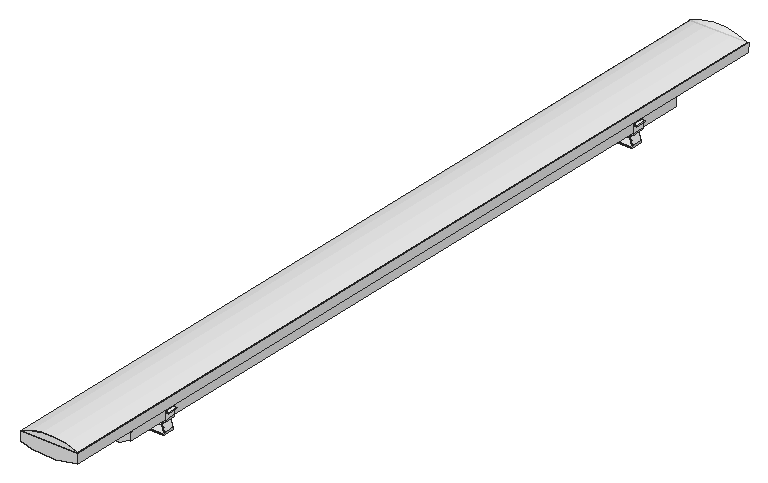
Revit family "Lighting-Industrial-GEWISS-SMART[3]PLUS-HLO-WATERTIGHT-LED-EMERGENCY_TRANSPARENT_1600mm", category Apparecchi per illuminazione, host Superficie, Revit 2019
Family settings
  Host = Superficie
  Quota connettore circolare = Usa diametro
  Tipo di parte = Normale
  Taglio con vuoti quando caricato = No
  Sorgente d'illuminazione = No
  Condiviso = No
  Punto di calcolo locali = No
Parameters (values of type "GWS3325BT957 - SMART3 PLUS 1600 EMERG DT1+DT6 HO TRASP 9 57")
  Working temperature = "ND"
  Weight (kg): = ""
  Warranty = "ND"
  Voltage = "220-240 V "
  Visibilità simbolo [instance] = yes
  Visibilità pianta [instance] = not(Visibilità simbolo)  # no
  Visibilità etichetta [instance] = yes
  Version file RFA = "20.0"
  URL = "https://www.gewiss.com/ww/en"
  Typology = ""
  Type of light source = "LED - Not replaceable"
  Technical sheet = "https://www.gewiss.com/ww/en/search?q=GWS3325BT957"
  System power = "50 W"
  Shock resistance = "IK08"
  Shield type = "Transparent"
  SEO = "Ceiling"
  Realized by GEWISS S.p.A. = ""
  Operating temperature: = "ND"
  Numero poli = 2
  Struttura = GRIGIO
  Stampa 1_200 = no
  Stampa 1_100 = not(Stampa 1_200)  # yes
  Spostamento_Y_etichetta [instance] = 0 mm
  Spostamento_Y_effettivo_etichetta [instance] = 1500 mm - Spostamento_Y_etichetta  # 1500 mm
  Spostamento_X_etichetta [instance] = 0 mm
  Spostamento_X_effettivo_etichetta [instance] = 1500 mm - Spostamento_X_etichetta  # 1500 mm
  Schermo. = Led Acceso
  Default Elevation = 1219.2 mm
  Produttore = "GEWISS S.p.A."
  Nominal flux (lm) = ""
  No. LED (#) = ""
  Modello = "GWS3325BT957"
  Lunghezza Lampada = 1600 mm  # constant formula
  Lumen output (lm) = "7400"
  Length = "1600 mm"
  Lampada = "LED"
  Lamp = "LED"
  LED LifeTime (L80B20) = ""
  LED Life time (L80B50) = ""
  LED Life time (L70) = ""
  LED Life Time (L90B50) = ""
  Insulation class = "II"
  Immagine tipo = GWS3158TL.jpg
  IP degree = "IP66/IP69"
  IFC.TypeObject = ""
  IFC.ExportType = ""
  IFC.ExportAs = ""
  IDT = "0d0c36dd-7d20-424d-bc0a-e9538265b617"
  IDF = "d46191a8-45a4-4aa7-8cad-d7a8957d08f7"
  Glow Wire Test = "850°C"
  Ganci = Alluminio
  Failure rate apparecchio (50.000h, Tq=25Â° C) = ""
  Failure rate apparecchio (35.000h, Tq=35Â° C) = ""
  Electrocod = "2434"
  Efficiency class of integrated LEDs = "A ÷ A++"
  EAN code = ""
  Driver type = ""
  Device with reduced surface temperature = ""
  Descrizione = "SMART3 PLUS 1600 EMERG DT1+DT6 HO TRASP 9 57"
  Commenti sul wattaggio = "26W"
  Colour temperature: = "5700 K (CRI > 90)"
  Colour temperature = "5700 K (CRI > 90)"
  Catalogue Range = "SMART[3] PLUS HLO"
  Catalogue = "LIGHTING"
  Carico apparente = 26 VA
  COBie.Tagnumber = ""
  COBie.CreatedOn = ""
  COBie.CreatebBy = ""
  COBie.ComponentRegisterItemID = ""
  COBie.Component.TagNumber = ""
  COBie.Component.Space = ""
  COBie.Component.SerialNumber = ""
  COBie.Component.InstallationDate = ""
  COBie.Component.Description = ""
  COBie.Component.BarCode = ""
  Application = "Indoor"
Types (6, lengths in mm): name | Technical sheet | Modello | Lumen output (lm) | Immagine tipo | IDT | Descrizione | Commenti sul wattaggio | Colour temperature: | Colour temperature | Carico apparente
  GWS3325BT840 - SMART3 PLUS 1600 EMERG DT1+DT6 HO TRASP 8 40 | "https://www.gewiss.com/ww/en/search?q=GWS3325BT840" | "GWS3325BT840" | "9400" | GWS3158T.jpg | "5efdf367-262e-4b37-a7ee-97abab928725" | "SMART3 PLUS 1600 EMERG DT1+DT6 HO TRASP 8 40" | "26W" | "4000 K (CRI > 80)" | "4000 K (CRI > 80)" | 26 VA
  GWS3325BT857 - SMART3 PLUS 1600 EMERG DT1+DT6 HO TRASP 8 57 | "https://www.gewiss.com/ww/en/search?q=GWS3325BT857" | "GWS3325BT857" | "9400" | GWS3158T30K.jpg | "3f0ca7bd-6e26-4961-bf24-f6e595b37682" | "SMART3 PLUS 1600 EMERG DT1+DT6 HO TRASP 8 57" | "26W" | "5700 K (CRI > 80)" | "5700 K (CRI > 80)" | 26 VA
  GWS3325BT930 - SMART3 PLUS 1600 EMERG DT1+DT6 HO TRASP 9 30 | "https://www.gewiss.com/ww/en/search?q=GWS3325BT930" | "GWS3325BT930" | "6900" | GWS3158T57K.jpg | "4814560a-ea28-4262-bd38-56ad4326c2bf" | "SMART3 PLUS 1600 EMERG DT1+DT6 HO TRASP 9 30" | "26W" | "3000 K (CRI > 90)" | "3000 K (CRI > 90)" | 26 VA
  GWS3325BT830 - SMART3 PLUS 1600 EMERG DT1+DT6 HO TRASP 8 30 | "https://www.gewiss.com/ww/en/search?q=GWS3325BT830" | "GWS3325BT830" | "8900" | GWS3158TD30K.jpg | "0effa6a7-1013-4012-9a4c-e161cacb130e" | "SMART3 PLUS 1600 EMERG DT1+DT6 HO TRASP 8 30" | "27W" | "3000 K (CRI > 80)" | "3000 K (CRI > 80)" | 27 VA
  GWS3325BT940 - SMART3 PLUS 1600 EMERG DT1+DT6 HO TRASP 9 40 | "https://www.gewiss.com/ww/en/search?q=GWS3325BT940" | "GWS3325BT940" | "7400" | GWS3158TD57K.jpg | "b69984a9-f126-4955-95ec-100c0a2e5617" | "SMART3 PLUS 1600 EMERG DT1+DT6 HO TRASP 9 40" | "27W" | "4000 K (CRI > 90)" | "4000 K (CRI > 90)" | 27 VA
  GWS3325BT957 - SMART3 PLUS 1600 EMERG DT1+DT6 HO TRASP 9 57 | "https://www.gewiss.com/ww/en/search?q=GWS3325BT957" | "GWS3325BT957" | "7400" | GWS3158TL.jpg | "0d0c36dd-7d20-424d-bc0a-e9538265b617" | "SMART3 PLUS 1600 EMERG DT1+DT6 HO TRASP 9 57" | "26W" | "5700 K (CRI > 90)" | "5700 K (CRI > 90)" | 26 VA
Reference planes
  plane 1 "Centro (Fronte/Retro)": y = 0
  plane 2: z = 0
  plane 3 "Centro (Sinistra/Destra)": x = 0
  plane 4: x = -1500
  plane 5: y = -1500
  plane 6: x = 0
  plane 7: y = 0
Forms (mm)
  Extrusion 1, solid, material "Alluminio" <- "Ganci", detail levels medium+fine
    sketch origin (0, 0, 0) x (1, 0, 0) y (0, 0, 1)
      loop
        arc (31.431, -0.002) -> (34.576, 1.589) -> (35.156, 5.066) r 3.903
        line (35.156, 5.066) -> (29.612, 23.211)
        arc (29.612, 23.211) -> (29.883, 24.381) -> (31.032, 24.73) r 1.2
        line (31.032, 24.73) -> (34.307, 23.974)
        arc (34.307, 23.974) -> (36.765, 24.53) -> (37.859, 26.8) r 2.9
        line (37.859, 26.8) -> (37.859, 38.8)
        arc (37.859, 38.8) -> (37.648, 39.694) -> (37.059, 40.4) r 2
        line (37.059, 40.4) -> (37.059, 42.71) -> (42.861, 40.598) -> (43.203, 41.538) -> (37.53, 43.603)
        arc (37.53, 43.603) -> (37.019, 43.613) -> (36.605, 43.311) r 0.8
        line (36.605, 43.311) -> (36.306, 26.139)
        arc (36.306, 26.139) -> (35.6, 25.444) -> (34.616, 25.34) r 1.5
        line (34.616, 25.34) -> (31.344, 26.095)
        arc (31.344, 26.095) -> (28.858, 25.335) -> (28.273, 22.802) r 2.6
        line (28.273, 22.802) -> (33.827, 4.636)
        arc (33.827, 4.636) -> (33.449, 2.415) -> (31.438, 1.4) r 2.5
        line (31.438, 1.4) -> (-31.437, 1.4)
        arc (-31.437, 1.4) -> (-33.449, 2.415) -> (-33.827, 4.636) r 2.5
        line (-33.827, 4.636) -> (-28.273, 22.802)
        arc (-28.273, 22.802) -> (-28.858, 25.335) -> (-31.344, 26.095) r 2.6
        line (-31.344, 26.095) -> (-34.616, 25.34)
        arc (-34.616, 25.34) -> (-35.6, 25.444) -> (-36.306, 26.139) r 1.5
        line (-36.306, 26.139) -> (-36.605, 43.311)
        arc (-36.605, 43.311) -> (-37.019, 43.613) -> (-37.53, 43.603) r 0.8
        line (-37.53, 43.603) -> (-43.203, 41.538) -> (-42.861, 40.598) -> (-37.059, 42.71) -> (-37.059, 40.4)
        arc (-37.059, 40.4) -> (-37.648, 39.694) -> (-37.859, 38.8) r 2
        line (-37.859, 38.8) -> (-37.859, 26.8)
        arc (-37.859, 26.8) -> (-36.765, 24.53) -> (-34.307, 23.974) r 2.9
        line (-34.307, 23.974) -> (-31.032, 24.73)
        arc (-31.032, 24.73) -> (-29.883, 24.381) -> (-29.612, 23.211) r 1.2
        line (-29.612, 23.211) -> (-35.156, 5.066)
        arc (-35.156, 5.066) -> (-34.576, 1.589) -> (-31.431, -0.002) r 3.903
        line (-31.431, -0.002) -> (31.431, -0.002)
    from 548.766 to 568.766
  Extrusion 2, solid, material "Alluminio" <- "Ganci", detail levels medium+fine
    sketch origin (0, 0, 0) x (1, 0, 0) y (0, 0, -1)
      loop
        line (31.431, 0.002) -> (-31.431, 0.002)
        arc (-31.431, 0.002) -> (-34.576, -1.589) -> (-35.156, -5.066) r 3.903
        line (-35.156, -5.066) -> (-29.612, -23.211)
        arc (-29.612, -23.211) -> (-29.883, -24.381) -> (-31.032, -24.73) r 1.2
        line (-31.032, -24.73) -> (-34.307, -23.974)
        arc (-34.307, -23.974) -> (-36.765, -24.53) -> (-37.859, -26.8) r 2.9
        line (-37.859, -26.8) -> (-37.859, -38.8)
        arc (-37.859, -38.8) -> (-37.648, -39.694) -> (-37.059, -40.4) r 2
        line (-37.059, -40.4) -> (-37.059, -42.71) -> (-42.861, -40.598) -> (-43.203, -41.538) -> (-37.53, -43.603)
        arc (-37.53, -43.603) -> (-37.019, -43.613) -> (-36.605, -43.311) r 0.8
        line (-36.605, -43.311) -> (-36.306, -26.139)
        arc (-36.306, -26.139) -> (-35.6, -25.444) -> (-34.616, -25.34) r 1.5
        line (-34.616, -25.34) -> (-31.344, -26.095)
        arc (-31.344, -26.095) -> (-28.858, -25.335) -> (-28.273, -22.802) r 2.6
        line (-28.273, -22.802) -> (-33.827, -4.636)
        arc (-33.827, -4.636) -> (-33.449, -2.415) -> (-31.437, -1.4) r 2.5
        line (-31.437, -1.4) -> (31.438, -1.4)
        arc (31.438, -1.4) -> (33.449, -2.415) -> (33.827, -4.636) r 2.5
        line (33.827, -4.636) -> (28.273, -22.802)
        arc (28.273, -22.802) -> (28.858, -25.335) -> (31.344, -26.095) r 2.6
        line (31.344, -26.095) -> (34.616, -25.34)
        arc (34.616, -25.34) -> (35.6, -25.444) -> (36.306, -26.139) r 1.5
        line (36.306, -26.139) -> (36.605, -43.311)
        arc (36.605, -43.311) -> (37.019, -43.613) -> (37.53, -43.603) r 0.8
        line (37.53, -43.603) -> (43.203, -41.538) -> (42.861, -40.598) -> (37.059, -42.71) -> (37.059, -40.4)
        arc (37.059, -40.4) -> (37.648, -39.694) -> (37.859, -38.8) r 2
        line (37.859, -38.8) -> (37.859, -26.8)
        arc (37.859, -26.8) -> (36.765, -24.53) -> (34.307, -23.974) r 2.9
        line (34.307, -23.974) -> (31.032, -24.73)
        arc (31.032, -24.73) -> (29.883, -24.381) -> (29.612, -23.211) r 1.2
        line (29.612, -23.211) -> (35.156, -5.066)
        arc (35.156, -5.066) -> (34.576, -1.589) -> (31.431, 0.002) r 3.903
    from 548.766 to 568.766
  Extrusion 3, solid, material "GRIGIO" <- "Struttura", detail levels medium+fine
    sketch origin (0, 0, 0) x (1, 0, 0) y (0, 0, 1)
      loop
        line (-36.331, 55.757) -> (-35.847, 28.018)
        arc (-35.847, 28.018) -> (-33.139, 27.27) -> (-30.416, 26.58) r 129.5
        arc (-30.416, 26.58) -> (-28.066, 25.76) -> (-25.915, 24.506) r 13
        arc (-25.915, 24.506) -> (-24.23, 23.324) -> (-22.521, 22.178) r 99.5
        arc (-22.521, 22.178) -> (-16.401, 19.063) -> (-9.748, 17.365) r 31.146
        line (-9.748, 17.365) -> (12.491, 17.365)
        arc (12.491, 17.365) -> (17.822, 19.098) -> (22.764, 21.745) r 31.646
        arc (22.764, 21.745) -> (24.509, 22.915) -> (26.228, 24.122) r 100
        arc (26.228, 24.122) -> (28.283, 25.313) -> (30.525, 26.095) r 12.5
        arc (30.525, 26.095) -> (33.437, 26.834) -> (36.332, 27.64) r 130
        line (36.332, 27.64) -> (36.824, 55.851)
        arc (36.824, 55.851) -> (24.914, 53.937) -> (12.909, 52.764) r 195.047
        line (12.909, 52.764) -> (-12.909, 52.764)
        arc (-12.909, 52.764) -> (-24.665, 53.905) -> (-36.331, 55.757) r 195.047
    from -650 to 650
  Extrusion 4, solid, material "GRIGIO" <- "Struttura", detail levels medium+fine
    sketch origin (0, 0, 0) x (1, 0, 0) y (0, 0, 1)
      loop
        line (54.725, 60.184) -> (55.177, 77.445) -> (-55.177, 77.445) -> (-54.725, 60.184)
        arc (-54.725, 60.184) -> (-34.019, 55.332) -> (-12.909, 52.764) r 195.047
        line (-12.909, 52.764) -> (12.909, 52.764)
        arc (12.909, 52.764) -> (34.019, 55.332) -> (54.725, 60.184) r 195.047
    from -800 to 800
  Extrusion 5, solid, material "Led Acceso" <- "Schermo.", detail levels medium+fine
    sketch origin (0, 0, 0) x (1, 0, 0) y (0, 0, 1)
      loop
        arc (54.697, 78.441) -> (-0.014, 90.457) -> (-54.723, 78.429) r 130.5
        arc (-54.723, 78.429) -> (-54.988, 77.838) -> (-54.5, 77.445) r 0.5
        line (-54.5, 77.445) -> (54.479, 77.445)
        arc (54.479, 77.445) -> (54.988, 77.855) -> (54.697, 78.441) r 0.522
    from -800 to 800
  Extrusion 6, solid, material "GRIGIO" <- "Struttura", detail levels coarse
    sketch origin (0, 0, 0) x (1, 0, 0) y (0, 0, 1)
      loop
        line (-54.5, 90.439) -> (-54.5, 0) -> (54.5, 0) -> (54.5, 90.439) -> (-54.5, 90.439)
    from -800 to 800
Lines and regions (mm)
  Masking region 1, visible <- "Visibilità pianta"
    outline origin (0, 0, 0) x (1, 0, 0) y (0, 1, 0)
      loop
        line (-55.177, 800) -> (-55.177, -800) -> (55.177, -800) -> (55.177, 800) -> (-55.177, 800)
  model lines, style "GEWISS - LIGHT 2D", not visible, detail levels medium+fine
    curve 1: arc (599.156, 237.359, 0) -> (604.568, 231.947, 0) -> (609.98, 237.359, 0) r 5.412
    curve 6: arc (581.804, 237.359, 0) -> (582.83, 230.601, 0) -> (585.816, 224.453, 0) r 22.764
    curve 7: arc (623.32, 224.453, 0) -> (626.306, 230.601, 0) -> (627.332, 237.359, 0) r 22.764
    curve 8: arc (609.98, -154.35, 0) -> (604.568, -148.937, 0) -> (599.156, -154.35, 0) r 5.412
    curve 14: arc (585.816, -141.444, 0) -> (582.83, -147.592, 0) -> (581.804, -154.35, 0) r 22.764
    curve 15: arc (627.332, -154.35, 0) -> (626.306, -147.592, 0) -> (623.32, -141.444, 0) r 22.764
    curve 22: line (581.804, 248.502, 0) -> (581.804, 237.359, 0)
    curve 23: line (581.804, 237.359, 0) -> (599.156, 237.359, 0)
    curve 24: line (599.156, 237.359, 0) -> (599.156, 248.502, 0)
    curve 25: line (599.156, 256.809, 0) -> (599.156, 262.193, 0)
    curve 26: line (609.98, 248.502, 0) -> (609.98, 237.359, 0)
    curve 27: line (609.98, 237.359, 0) -> (627.332, 237.359, 0)
    curve 28: line (627.332, 237.359, 0) -> (627.332, 248.502, 0)
    curve 39: line (581.804, -154.35, 0) -> (581.804, -165.498, 0)
    curve 40: line (581.804, -165.498, 0) -> (581.804, -154.35, 0)
    curve 41: line (581.804, -154.35, 0) -> (599.156, -154.35, 0)
    curve 42: line (599.156, -154.35, 0) -> (599.156, -165.498, 0)
    curve 43: line (609.98, -165.498, 0) -> (609.98, -154.35, 0)
    curve 44: line (609.98, -154.35, 0) -> (627.332, -154.35, 0)
    curve 45: line (627.332, -154.35, 0) -> (627.332, -165.498, 0)
    curve 46: line (627.332, -165.498, 0) -> (627.332, -154.35, 0)
    curve 47: line (609.98, -179.249, 0) -> (609.98, -173.749, 0)
    curve 50: line (599.156, -179.191, 0) -> (599.156, -173.807, 0)
    curve 94: circle (617.836, 259.501, 0) r 1.5 normal (0, 0, 1)
    curve 95: circle (591.836, 259.501, 0) r 1.5 normal (0, 0, 1)
    curve 96: arc (610.218, 256.751, 0) -> (612.968, 259.501, 0) -> (610.218, 262.251, 0) r 2.75
    curve 97: arc (599.718, 262.251, 0) -> (596.968, 259.501, 0) -> (599.718, 256.751, 0) r 2.75
    curve 102: circle (617.836, -176.499, 0) r 1.5 normal (0, 0, 1)
    curve 103: circle (591.836, -176.499, 0) r 1.5 normal (0, 0, 1)
    curve 104: arc (610.218, -179.249, 0) -> (612.968, -176.499, 0) -> (610.218, -173.749, 0) r 2.75
    curve 105: arc (599.718, -173.749, 0) -> (596.968, -176.499, 0) -> (599.718, -179.249, 0) r 2.75
    curve 184: line (599.718, 262.251, 0) -> (610.218, 262.251, 0)
    curve 185: line (599.718, 256.751, 0) -> (610.218, 256.751, 0)
    curve 194: line (599.718, -173.749, 0) -> (610.218, -173.749, 0)
    curve 195: line (599.718, -179.249, 0) -> (610.218, -179.249, 0)
    curve 214: line (604.568, 230.323, 0) -> (604.568, 244.394, 0)
    curve 215: line (611.603, 237.359, 0) -> (597.532, 237.359, 0)
    curve 216: line (604.568, -161.385, 0) -> (604.568, -147.314, 0)
    curve 217: line (611.603, -154.35, 0) -> (597.532, -154.35, 0)
    curve 223: line (617.836, 257.551, 0) -> (617.836, 261.451, 0)
    curve 224: line (619.786, 259.501, 0) -> (615.886, 259.501, 0)
    curve 225: line (591.836, 257.551, 0) -> (591.836, 261.451, 0)
    curve 226: line (593.786, 259.501, 0) -> (589.886, 259.501, 0)
    curve 227: line (603.293, 259.501, 0) -> (596.143, 259.501, 0)
    curve 228: line (610.218, 255.926, 0) -> (610.218, 263.076, 0)
    curve 229: line (613.793, 259.501, 0) -> (606.643, 259.501, 0)
    curve 230: line (617.836, -178.449, 0) -> (617.836, -174.549, 0)
    curve 231: line (619.786, -176.499, 0) -> (615.886, -176.499, 0)
    curve 232: line (591.836, -178.449, 0) -> (591.836, -174.549, 0)
    curve 233: line (593.786, -176.499, 0) -> (589.886, -176.499, 0)
    curve 234: line (599.718, -180.074, 0) -> (599.718, -172.924, 0)
    curve 235: line (603.293, -176.499, 0) -> (596.143, -176.499, 0)
    curve 236: line (610.218, -180.074, 0) -> (610.218, -172.924, 0)
    curve 237: line (613.793, -176.499, 0) -> (606.643, -176.499, 0)
    curve 238: arc (585.816, 224.453, 0) -> (604.568, 218.168, 0) -> (623.32, 224.453, 0) r 31.118
    curve 239: arc (623.32, -141.444, 0) -> (604.568, -135.159, 0) -> (585.816, -141.444, 0) r 31.118
  model lines, style "GEWISS - LIGHT 2D", not visible
    curve 2: arc (642.177, 315.223, 0) -> (641.755, 316.267, 0) -> (640.725, 316.723, 0) r 1.499
    curve 3: arc (640.726, -233.714, 0) -> (641.755, -233.258, 0) -> (642.177, -232.214, 0) r 1.499
    curve 4: arc (568.41, 316.723, 0) -> (567.381, 316.267, 0) -> (566.959, 315.223, 0) r 1.499
    curve 5: arc (566.959, -232.214, 0) -> (567.38, -233.258, 0) -> (568.409, -233.714, 0) r 1.499
    curve 16: line (568.41, 316.723, 0) -> (592.409, 317.119, 0)
    curve 17: line (592.409, 317.119, 0) -> (595.819, 317.196, 0)
    curve 18: line (595.819, 317.196, 0) -> (604.587, 317.348, 0)
    curve 19: line (604.587, 317.348, 0) -> (613.319, 317.196, 0)
    curve 20: line (613.319, 317.196, 0) -> (616.729, 317.119, 0)
    curve 21: line (616.729, 317.119, 0) -> (640.725, 316.723, 0)
    curve 29: line (568.409, -233.714, 0) -> (604.582, -234.348, 0)
    curve 30: line (604.582, -234.348, 0) -> (640.726, -233.714, 0)
    curve 31: line (642.177, -187.498, 0) -> (642.177, -232.214, 0)
    curve 32: line (642.177, 248.502, 0) -> (642.177, -165.498, 0)
    curve 33: line (642.177, 315.223, 0) -> (642.177, 270.502, 0)
    curve 34: line (566.959, 315.223, 0) -> (566.959, 270.502, 0)
    curve 35: line (566.959, 248.502, 0) -> (566.959, -165.498, 0)
    curve 36: line (566.959, -187.498, 0) -> (566.959, -232.214, 0)
    curve 37: line (604.549, -234.347, 0) -> (604.569, -233.348, 0)
    curve 38: line (604.569, -233.348, 0) -> (604.549, -234.347, 0)
    curve 48: line (609.989, -233.253, 0) -> (609.98, -232.753, 0)
    curve 49: line (609.98, -232.753, 0) -> (609.98, -187.498, 0)
    curve 51: line (599.147, -233.253, 0) -> (599.156, -232.753, 0)
    curve 52: line (599.156, -232.753, 0) -> (599.156, -187.498, 0)
    curve 53: line (604.568, -232.848, 0) -> (604.569, -233.348, 0)
    curve 54: line (604.569, -233.348, 0) -> (604.568, -232.848, 0)
    curve 69: arc (658.224, 441.447, 0) -> (657.902, 441.529, 0) -> (657.571, 441.558, 0) r 1.999
    curve 71: arc (659.744, 439.503, 0) -> (659.172, 440.906, 0) -> (657.781, 441.505, 0) r 1.998
    curve 72: arc (549.391, -356.494, 0) -> (549.963, -357.897, 0) -> (551.356, -358.495, 0) r 1.998
    curve 98: spline (648.539, 268.506, 0) -> (648.523, 268.767, 0) -> (648.475, 269.023, 0) -> (648.396, 269.27, 0) -> (648.287, 269.504, 0) -> (648.151, 269.721, 0) -> (647.989, 269.918, 0) -> (647.804, 270.09, 0) -> (647.599, 270.235, 0) -> (647.379, 270.35, 0) -> (647.146, 270.434, 0) -> (646.905, 270.485, 0) -> (646.66, 270.502, 0)
    curve 99: spline (646.66, 248.502, 0) -> (646.905, 248.519, 0) -> (647.146, 248.57, 0) -> (647.379, 248.654, 0) -> (647.599, 248.77, 0) -> (647.804, 248.916, 0) -> (647.989, 249.089, 0) -> (648.151, 249.286, 0) -> (648.287, 249.504, 0) -> (648.396, 249.739, 0) -> (648.475, 249.987, 0) -> (648.523, 250.245, 0) -> (648.539, 250.506, 0)
    curve 100: spline (561.397, 250.501, 0) -> (561.413, 250.24, 0) -> (561.461, 249.984, 0) -> (561.54, 249.736, 0) -> (561.648, 249.502, 0) -> (561.785, 249.284, 0) -> (561.947, 249.087, 0) -> (562.132, 248.915, 0) -> (562.336, 248.77, 0) -> (562.557, 248.654, 0) -> (562.79, 248.57, 0) -> (563.031, 248.519, 0) -> (563.276, 248.502, 0)
    curve 101: spline (563.276, 270.502, 0) -> (563.031, 270.485, 0) -> (562.79, 270.434, 0) -> (562.557, 270.35, 0) -> (562.336, 270.234, 0) -> (562.132, 270.089, 0) -> (561.947, 269.916, 0) -> (561.785, 269.72, 0) -> (561.648, 269.502, 0) -> (561.54, 269.267, 0) -> (561.461, 269.019, 0) -> (561.413, 268.763, 0) -> (561.397, 268.502, 0)
    curve 106: spline (648.539, -167.494, 0) -> (648.523, -167.233, 0) -> (648.475, -166.977, 0) -> (648.396, -166.73, 0) -> (648.287, -166.496, 0) -> (648.151, -166.279, 0) -> (647.989, -166.083, 0) -> (647.804, -165.911, 0) -> (647.599, -165.766, 0) -> (647.379, -165.65, 0) -> (647.146, -165.566, 0) -> (646.905, -165.515, 0) -> (646.66, -165.498, 0)
    curve 107: spline (646.66, -187.498, 0) -> (646.905, -187.481, 0) -> (647.146, -187.43, 0) -> (647.379, -187.346, 0) -> (647.599, -187.23, 0) -> (647.804, -187.084, 0) -> (647.989, -186.911, 0) -> (648.151, -186.714, 0) -> (648.287, -186.496, 0) -> (648.396, -186.261, 0) -> (648.475, -186.012, 0) -> (648.523, -185.755, 0) -> (648.539, -185.494, 0)
    curve 108: spline (561.397, -185.499, 0) -> (561.413, -185.76, 0) -> (561.461, -186.016, 0) -> (561.54, -186.264, 0) -> (561.648, -186.498, 0) -> (561.785, -186.716, 0) -> (561.947, -186.912, 0) -> (562.132, -187.085, 0) -> (562.336, -187.23, 0) -> (562.557, -187.346, 0) -> (562.79, -187.43, 0) -> (563.031, -187.481, 0) -> (563.276, -187.498, 0)
    curve 109: spline (563.276, -165.498, 0) -> (563.031, -165.516, 0) -> (562.79, -165.567, 0) -> (562.557, -165.651, 0) -> (562.336, -165.766, 0) -> (562.132, -165.912, 0) -> (561.947, -166.084, 0) -> (561.785, -166.281, 0) -> (561.648, -166.499, 0) -> (561.54, -166.733, 0) -> (561.461, -166.981, 0) -> (561.413, -167.238, 0) -> (561.397, -167.499, 0)
    curve 110: arc (657.245, -358.546, 0) -> (659.012, -357.814, 0) -> (659.745, -356.046, 0) r 2.5
    curve 111: arc (551.891, 441.558, 0) -> (550.123, 440.825, 0) -> (549.391, 439.058, 0) r 2.5
    curve 142: line (657.571, 441.558, 0) -> (604.567, 441.558, 0)
    curve 143: line (604.567, 441.558, 0) -> (551.891, 441.558, 0)
    curve 144: line (551.356, -358.495, 0) -> (604.568, -358.495, 0)
    curve 145: line (604.568, -358.495, 0) -> (657.245, -358.495, 0)
    curve 157: line (599.147, -233.253, 0) -> (604.569, -233.348, 0)
    curve 158: line (604.569, -233.348, 0) -> (609.989, -233.253, 0)
    curve 159: line (659.745, -356.046, 0) -> (659.745, 439.503, 0)
    curve 160: line (657.781, 441.505, 0) -> (604.567, 441.505, 0)
    curve 161: line (549.391, -356.494, 0) -> (549.391, 439.058, 0)
    curve 186: line (642.696, 270.501, 0) -> (642.427, 270.501, 0)
    curve 187: line (563.481, 270.502, 0) -> (563.276, 270.502, 0)
    curve 188: line (563.276, 270.502, 0) -> (646.454, 270.502, 0)
    curve 189: line (646.454, 270.502, 0) -> (646.66, 270.502, 0)
    curve 190: line (563.481, 248.502, 0) -> (563.276, 248.502, 0)
    curve 191: line (646.454, 248.502, 0) -> (646.66, 248.502, 0)
    curve 192: line (648.539, 250.506, 0) -> (648.539, 268.506, 0)
    curve 193: line (561.397, 250.501, 0) -> (561.397, 268.501, 0)
    curve 196: line (646.66, -165.498, 0) -> (646.454, -165.498, 0)
    curve 197: line (646.454, -165.498, 0) -> (642.696, -165.498, 0)
    curve 198: line (642.696, -165.498, 0) -> (642.427, -165.498, 0)
    curve 199: line (642.427, -165.498, 0) -> (639.905, -165.498, 0)
    curve 200: line (639.905, -165.498, 0) -> (636.805, -165.498, 0)
    curve 201: line (636.805, -165.498, 0) -> (573.13, -165.498, 0)
    curve 202: line (573.13, -165.498, 0) -> (570.031, -165.498, 0)
    curve 203: line (570.031, -165.498, 0) -> (567.508, -165.498, 0)
    curve 204: line (567.508, -165.498, 0) -> (567.24, -165.498, 0)
    curve 205: line (567.24, -165.498, 0) -> (563.481, -165.498, 0)
    curve 206: line (563.481, -165.498, 0) -> (563.276, -165.498, 0)
    curve 207: line (563.276, -187.498, 0) -> (563.481, -187.498, 0)
    curve 208: line (563.481, -187.498, 0) -> (646.454, -187.498, 0)
    curve 209: line (646.454, -187.498, 0) -> (646.66, -187.498, 0)
    curve 210: line (642.696, -187.499, 0) -> (642.427, -187.499, 0)
    curve 211: line (648.539, -185.494, 0) -> (648.539, -167.494, 0)
    curve 212: line (561.397, -185.499, 0) -> (561.397, -167.499, 0)
    curve 219: line (604.569, 276.529, 0) -> (604.569, -193.52, 0)
    curve 240: line (646.454, 248.502, 0) -> (563.276, 248.502, 0)
  model lines, style "GEWISS - LIGHT 2D", not visible, detail levels fine
    curve 9: arc (621.884, 350.407, 0) -> (621.798, 350.225, 0) -> (621.768, 350.027, 0) r 0.678
    curve 10: arc (622.621, 351.453, 0) -> (622.246, 350.935, 0) -> (621.884, 350.407, 0) r 25.107
    curve 11: arc (623.611, 352.703, 0) -> (623.106, 352.086, 0) -> (622.621, 351.453, 0) r 25.491
    curve 12: arc (626.634, 356.042, 0) -> (625.055, 354.434, 0) -> (623.611, 352.703, 0) r 27.8
    curve 13: arc (628.933, 357.976, 0) -> (627.762, 357.034, 0) -> (626.634, 356.042, 0) r 34.286
    curve 55: line (595.819, 317.196, 0) -> (595.819, 331.194, 0)
    curve 56: line (595.819, 331.194, 0) -> (595.823, 331.698, 0)
    curve 57: line (613.319, 317.196, 0) -> (613.319, 331.194, 0)
    curve 58: line (613.319, 331.194, 0) -> (613.315, 331.698, 0)
    curve 59: line (601.188, 333.427, 0) -> (595.819, 333.381, 0)
    curve 60: line (595.819, 333.381, 0) -> (592.551, 333.351, 0)
    curve 61: line (621.768, 349.976, 0) -> (621.768, 349.703, 0)
    curve 62: line (618.568, 339.703, 0) -> (618.568, 340.003, 0)
    curve 63: line (618.568, 340.003, 0) -> (618.568, 349.403, 0)
    curve 64: line (618.568, 349.403, 0) -> (618.568, 349.703, 0)
    curve 65: line (626.634, 356.042, 0) -> (625.666, 357.327, 0)
    curve 66: line (625.666, 357.327, 0) -> (625.303, 357.809, 0)
    curve 67: arc (615.276, 335.364, 0) -> (616.055, 336.638, 0) -> (614.919, 337.608, 0) r 1.15
    curve 68: arc (594.228, 337.608, 0) -> (593.084, 336.643, 0) -> (593.862, 335.364, 0) r 1.15
    curve 70: arc (618.493, 319.316, 0) -> (619.321, 319.921, 0) -> (619.181, 320.937, 0) r 1
    curve 73: arc (592.532, 331.227, 0) -> (592.389, 331.582, 0) -> (592.037, 331.731, 0) r 0.5
    curve 74: arc (617.101, 331.731, 0) -> (616.749, 331.582, 0) -> (616.606, 331.227, 0) r 0.5
    curve 75: arc (617.805, 349.703, 0) -> (617.188, 349.635, 0) -> (616.597, 349.441, 0) r 3
    curve 76: arc (606.569, 342.058, 0) -> (605.632, 343.753, 0) -> (603.698, 343.859, 0) r 2
    curve 77: arc (599.084, 344.854, 0) -> (601.221, 343.569, 0) -> (603.698, 343.859, 0) r 3.86
    curve 78: arc (598.376, 346.791, 0) -> (598.558, 345.76, 0) -> (599.084, 344.854, 0) r 3
    curve 79: arc (605.757, 349.962, 0) -> (611.115, 348.406, 0) -> (616.597, 349.441, 0) r 12
    curve 80: arc (622.068, 349.403, 0) -> (621.98, 349.615, 0) -> (621.768, 349.703, 0) r 0.3
    curve 81: arc (620.003, 351.317, 0) -> (619.679, 350.57, 0) -> (619.569, 349.763, 0) r 3
    curve 82: arc (603.144, 334.726, 0) -> (600.795, 328.007, 0) -> (607.888, 327.419, 0) r 4.5
    curve 83: arc (603.144, 334.726, 0) -> (605.626, 336.549, 0) -> (606.569, 339.481, 0) r 5
    curve 84: arc (602.226, 350.998, 0) -> (599.524, 350.005, 0) -> (598.376, 347.367, 0) r 3.66
    curve 85: arc (605.757, 349.962, 0) -> (604.052, 350.686, 0) -> (602.226, 350.998, 0) r 8
    curve 86: arc (621.772, 339.703, 0) -> (621.999, 339.807, 0) -> (622.068, 340.048, 0) r 0.3
    curve 87: arc (618.568, 339.703, 0) -> (617.972, 339.652, 0) -> (617.393, 339.5, 0) r 3.5
    curve 88: arc (617.393, 339.5, 0) -> (612.456, 336.19, 0) -> (609.712, 330.917, 0) r 12
    curve 89: arc (607.888, 327.419, 0) -> (609.019, 329.054, 0) -> (609.712, 330.917, 0) r 8
    curve 90: arc (620.895, 352.703, 0) -> (620.493, 352.099, 0) -> (620.105, 351.485, 0) r 29.999
    curve 91: arc (625.281, 357.788, 0) -> (623.014, 355.448, 0) -> (621.015, 352.877, 0) r 30
    curve 92: arc (627.608, 359.734, 0) -> (626.431, 358.8, 0) -> (625.303, 357.809, 0) r 29.995
    curve 93: circle (604.569, 330.458, 0) r 2.1 normal (0, 0, 1)
    curve 112: line (589.422, 320.458, 0) -> (589.069, 320.811, 0)
    curve 113: line (589.069, 320.811, 0) -> (589.069, 322.709, 0)
    curve 114: line (589.069, 322.709, 0) -> (589.069, 323.958, 0)
    curve 115: line (589.069, 323.958, 0) -> (589.422, 323.958, 0)
    curve 116: line (589.422, 323.958, 0) -> (590.069, 323.958, 0)
    curve 117: line (590.069, 323.958, 0) -> (590.069, 324.958, 0)
    curve 118: line (590.069, 324.958, 0) -> (589.422, 324.958, 0)
    curve 119: line (589.422, 324.958, 0) -> (589.069, 324.958, 0)
    curve 120: line (589.069, 324.958, 0) -> (589.069, 328.104, 0)
    curve 121: line (589.069, 328.104, 0) -> (589.422, 328.458, 0)
    curve 122: line (589.422, 324.958, 0) -> (589.422, 328.458, 0)
    curve 123: line (589.422, 328.458, 0) -> (591.069, 328.458, 0)
    curve 124: line (591.069, 328.458, 0) -> (591.069, 322.54, 0)
    curve 125: line (591.069, 322.54, 0) -> (591.069, 320.458, 0)
    curve 126: line (591.069, 320.458, 0) -> (589.422, 320.458, 0)
    curve 127: line (589.422, 320.458, 0) -> (589.422, 322.54, 0)
    curve 128: line (589.422, 322.54, 0) -> (589.422, 323.958, 0)
    curve 129: line (606.208, 337.608, 0) -> (602.469, 337.608, 0)
    curve 130: line (602.469, 337.608, 0) -> (599.469, 337.608, 0)
    curve 131: line (599.469, 337.608, 0) -> (596.069, 337.608, 0)
    curve 132: line (596.069, 337.608, 0) -> (594.228, 337.608, 0)
    curve 133: line (606.469, 338.477, 0) -> (606.569, 341.457, 0)
    curve 134: line (606.469, 341.458, 0) -> (602.469, 341.458, 0)
    curve 135: line (602.469, 341.458, 0) -> (599.469, 341.458, 0)
    curve 136: line (599.469, 341.458, 0) -> (596.519, 341.458, 0)
    curve 137: line (596.519, 341.458, 0) -> (594.919, 341.458, 0)
    curve 138: line (594.919, 341.458, 0) -> (593.969, 341.458, 0)
    curve 139: line (593.969, 341.458, 0) -> (593.969, 337.58, 0)
    curve 140: line (614.019, 337.651, 0) -> (614.969, 337.606, 0)
    curve 141: line (614.969, 337.606, 0) -> (614.969, 338.32, 0)
    curve 146: line (604.55, 335.458, 0) -> (595.819, 335.382, 0)
    curve 147: line (595.819, 335.382, 0) -> (592.569, 335.353, 0)
    curve 148: line (592.569, 335.353, 0) -> (592.551, 333.351, 0)
    curve 149: line (616.587, 333.351, 0) -> (616.569, 335.353, 0)
    curve 150: line (616.569, 335.353, 0) -> (613.319, 335.381, 0)
    curve 151: line (613.319, 335.381, 0) -> (611.803, 335.395, 0)
    curve 152: line (592.515, 329.208, 0) -> (591.069, 329.208, 0)
    curve 153: line (591.069, 329.208, 0) -> (591.069, 319.708, 0)
    curve 154: line (591.069, 319.708, 0) -> (592.432, 319.708, 0)
    curve 155: line (618.493, 319.316, 0) -> (616.711, 319.145, 0)
    curve 156: line (616.667, 324.145, 0) -> (619.181, 320.937, 0)
    curve 162: line (610.544, 333.306, 0) -> (613.388, 333.281, 0)
    curve 163: line (613.388, 333.281, 0) -> (618.088, 333.24, 0)
    curve 164: line (618.088, 333.24, 0) -> (618.088, 331.74, 0)
    curve 165: line (618.088, 331.74, 0) -> (613.388, 331.699, 0)
    curve 166: line (613.388, 331.699, 0) -> (609.914, 331.668, 0)
    curve 167: line (600.232, 331.66, 0) -> (595.75, 331.699, 0)
    curve 168: line (595.75, 331.699, 0) -> (591.05, 331.74, 0)
    curve 169: line (591.05, 331.74, 0) -> (591.05, 333.24, 0)
    curve 170: line (591.05, 333.24, 0) -> (595.75, 333.281, 0)
    curve 171: line (595.75, 333.281, 0) -> (601.102, 333.328, 0)
    curve 172: line (592.409, 317.119, 0) -> (592.532, 331.227, 0)
    curve 173: line (616.729, 317.119, 0) -> (616.606, 331.227, 0)
    curve 174: line (621.768, 349.703, 0) -> (618.568, 349.703, 0)
    curve 175: line (618.568, 349.703, 0) -> (617.805, 349.703, 0)
    curve 176: line (606.569, 342.058, 0) -> (606.569, 339.481, 0)
    curve 177: line (598.376, 347.367, 0) -> (598.376, 346.791, 0)
    curve 178: line (618.568, 339.703, 0) -> (621.772, 339.703, 0)
    curve 179: line (622.068, 349.403, 0) -> (622.068, 340.048, 0)
    curve 180: line (620.002, 351.317, 0) -> (620.086, 351.453, 0)
    curve 181: line (621.015, 352.877, 0) -> (620.895, 352.703, 0)
    curve 182: line (628.933, 357.976, 0) -> (627.969, 359.255, 0)
    curve 183: line (627.969, 359.255, 0) -> (627.608, 359.734, 0)
    curve 213: line (589.258, 324.458, 0) -> (591.233, 324.458, 0)
    curve 218: line (592.659, 324.458, 0) -> (590.924, 324.458, 0)
    curve 220: line (604.569, 327.728, 0) -> (604.569, 333.188, 0)
    curve 221: line (607.299, 330.458, 0) -> (601.839, 330.458, 0)
    curve 222: line (618.568, 350.343, 0) -> (618.568, 339.063, 0)
  model lines, style "GEWISS - LIGHT 2D", not visible, detail levels coarse
    curve 241: arc (515.447, 800, 0) -> (513.679, 799.268, 0) -> (512.947, 797.5, 0) r 2.5
    curve 242: line (623.301, 800, 0) -> (515.447, 800, 0)
    curve 243: line (512.947, -800, 0) -> (623.301, -800, 0)
    curve 244: line (623.301, -800, 0) -> (623.301, 800, 0)
    curve 245: line (512.947, -800, 0) -> (512.947, 797.5, 0)
    curve 246: line (568.125, 575.964, 0) -> (568.125, -769.036, 0)
    curve 248: arc (515.447, -800, 0) -> (513.679, -799.268, 0) -> (512.947, -797.5, 0) r 2.5
  model lines, style "GEWISS - LIGHT 2D", detail levels coarse
    curve 247: arc (-52.678, -188.779, 0) -> (-54.446, -188.047, 0) -> (-55.178, -186.279, 0) r 2.5
Dimensions and locks
  plane 4 to plane 3 "Centro (Sinistra/Destra)" = 1500 mm
  "Spostamento_X_effettivo_etichetta": plane 4 to plane 6
  "Spostamento_Y_effettivo_etichetta": plane 7 to plane 5
  plane 1 "Centro (Fronte/Retro)" to plane 5 = 1500 mm
  aligned and locked: plane 2 to host face
  aligned and locked: level to host face
  aligned and locked: Masking region 1 sketch curve to Extrusion 4  (x3)
  aligned and locked: plane 6 to nested 1
  aligned and locked: nested 1 to plane 7
  aligned and locked: nested 2 to plane 1 "Centro (Fronte/Retro)"
  aligned and locked: plane 3 "Centro (Sinistra/Destra)" to nested 2
Automatic sketch dimensions
  host sketch curve to host sketch curve = 2438.4 mm  (x2)
  Extrusion 1 sketch curve to Extrusion 1 sketch curve = 0 mm  (x28)
  Extrusion 1 sketch curve to plane 3 "Centro (Sinistra/Destra)" = 43.203 mm
  level to Extrusion 1 sketch curve = 40.598 mm
  Extrusion 1 sketch curve to Extrusion 1 sketch curve = 0.342 mm  (x2)
  Extrusion 1 sketch curve to Extrusion 1 sketch curve = 5.002 mm  (x2)
  Extrusion 1 sketch curve to Extrusion 1 sketch curve = 0.329 mm
  Extrusion 1 sketch curve to Extrusion 1 sketch curve = 0.271 mm  (x2)
  Extrusion 1 sketch curve to Extrusion 1 sketch curve = 0.8 mm  (x2)
  Extrusion 1 sketch curve to Extrusion 1 sketch curve = 0.454 mm  (x2)
  Extrusion 1 sketch curve to Extrusion 1 sketch curve = 1.554 mm
  Extrusion 1 sketch curve to Extrusion 1 sketch curve = 2 mm
  level to Extrusion 1 sketch curve = 5.066 mm  (x2)
  Extrusion 1 sketch curve to Extrusion 1 sketch curve = 1.15 mm
  Extrusion 1 sketch curve to Extrusion 1 sketch curve = 1.346 mm  (x2)
  Extrusion 1 sketch curve to Extrusion 1 sketch curve = 0.343 mm  (x2)
  level to Extrusion 1 sketch curve = 4.636 mm  (x2)
  Extrusion 1 sketch curve to Extrusion 1 sketch curve = 1.329 mm  (x2)
  level to Extrusion 1 sketch curve = 1.4 mm
  Extrusion 1 sketch curve to Extrusion 1 sketch curve = 2.389 mm  (x2)
  Extrusion 1 sketch curve to Extrusion 1 sketch curve = 0.007 mm  (x2)
  Extrusion 1 sketch curve to Extrusion 1 sketch curve = 3.584 mm  (x2)
  Extrusion 1 sketch curve to Extrusion 1 sketch curve = 0.273 mm  (x2)
  plane 3 "Centro (Sinistra/Destra)" to Extrusion 1 sketch curve = 30.759 mm
  Extrusion 1 sketch curve to level = 0.002 mm
  Extrusion 1 sketch curve to Extrusion 1 sketch curve = 0.672 mm
  Extrusion 1 sketch curve to Extrusion 1 sketch curve = 0.9 mm
  level to Extrusion 1 sketch curve = 26.139 mm
  Extrusion 1 sketch curve to Extrusion 1 sketch curve = 0.746 mm
  Extrusion 1 sketch curve to Extrusion 1 sketch curve = 0.2 mm
  Extrusion 1 sketch curve to Extrusion 1 sketch curve = 2.577 mm
  Extrusion 1 sketch curve to Extrusion 1 sketch curve = 18.496 mm
  Extrusion 1 sketch curve to Extrusion 1 sketch curve = 1.169 mm  (x2)
  Extrusion 1 sketch curve to Extrusion 1 sketch curve = 0.799 mm  (x2)
  Extrusion 1 sketch curve to Extrusion 1 sketch curve = 0.609 mm
  Extrusion 1 sketch curve to Extrusion 1 sketch curve = 1.798 mm  (x2)
  Extrusion 1 sketch curve to Extrusion 1 sketch curve = 12 mm
  Extrusion 1 sketch curve to Extrusion 1 sketch curve = 0.94 mm  (x2)
  Extrusion 1 sketch curve to Extrusion 1 sketch curve = 0.14 mm  (x2)
  Extrusion 1 sketch curve to Extrusion 1 sketch curve = 0.309 mm  (x2)
  Extrusion 1 sketch curve to Extrusion 1 sketch curve = 0.312 mm  (x2)
  Extrusion 1 sketch curve to Extrusion 1 sketch curve = 1.148 mm  (x2)
  Extrusion 1 sketch curve to Extrusion 1 sketch curve = 1.339 mm
  Extrusion 1 sketch curve to Extrusion 1 sketch curve = 2.486 mm
  Extrusion 1 sketch curve to Extrusion 1 sketch curve = 0.409 mm  (x2)
  Extrusion 2 sketch curve to Extrusion 2 sketch curve = 0 mm  (x28)
  Extrusion 2 sketch curve to plane 3 "Centro (Sinistra/Destra)" = 43.203 mm
  level to Extrusion 2 sketch curve = 40.598 mm
  Extrusion 2 sketch curve to Extrusion 2 sketch curve = 0.342 mm  (x2)
  Extrusion 2 sketch curve to Extrusion 2 sketch curve = 5.002 mm  (x2)
  Extrusion 2 sketch curve to Extrusion 2 sketch curve = 0.329 mm
  Extrusion 2 sketch curve to Extrusion 2 sketch curve = 0.271 mm  (x2)
  Extrusion 2 sketch curve to Extrusion 2 sketch curve = 0.8 mm  (x2)
  Extrusion 2 sketch curve to Extrusion 2 sketch curve = 0.454 mm  (x2)
  Extrusion 2 sketch curve to Extrusion 2 sketch curve = 1.554 mm
  Extrusion 2 sketch curve to Extrusion 2 sketch curve = 2 mm
  level to Extrusion 2 sketch curve = 5.066 mm  (x2)
  Extrusion 2 sketch curve to Extrusion 2 sketch curve = 1.15 mm
  Extrusion 2 sketch curve to Extrusion 2 sketch curve = 1.346 mm  (x2)
  Extrusion 2 sketch curve to Extrusion 2 sketch curve = 0.343 mm  (x2)
  level to Extrusion 2 sketch curve = 4.636 mm  (x2)
  Extrusion 2 sketch curve to Extrusion 2 sketch curve = 1.329 mm  (x2)
  level to Extrusion 2 sketch curve = 1.4 mm
  Extrusion 2 sketch curve to Extrusion 2 sketch curve = 2.389 mm  (x2)
  Extrusion 2 sketch curve to Extrusion 2 sketch curve = 0.007 mm  (x2)
  Extrusion 2 sketch curve to Extrusion 2 sketch curve = 3.584 mm  (x2)
  Extrusion 2 sketch curve to Extrusion 2 sketch curve = 0.273 mm  (x2)
  plane 3 "Centro (Sinistra/Destra)" to Extrusion 2 sketch curve = 30.759 mm
  Extrusion 2 sketch curve to level = 0.002 mm
  Extrusion 2 sketch curve to Extrusion 2 sketch curve = 0.672 mm
  Extrusion 2 sketch curve to Extrusion 2 sketch curve = 0.9 mm
  level to Extrusion 2 sketch curve = 26.139 mm
  Extrusion 2 sketch curve to Extrusion 2 sketch curve = 0.746 mm
  Extrusion 2 sketch curve to Extrusion 2 sketch curve = 0.2 mm
  Extrusion 2 sketch curve to Extrusion 2 sketch curve = 14.46 mm
  Extrusion 2 sketch curve to Extrusion 2 sketch curve = 0.94 mm  (x2)
  Extrusion 2 sketch curve to Extrusion 2 sketch curve = 0.14 mm  (x2)
  Extrusion 2 sketch curve to Extrusion 2 sketch curve = 2.31 mm  (x2)
  Extrusion 2 sketch curve to Extrusion 2 sketch curve = 12 mm
  Extrusion 2 sketch curve to Extrusion 2 sketch curve = 0.661 mm  (x2)
  Extrusion 2 sketch curve to Extrusion 2 sketch curve = 0.609 mm  (x2)
  Extrusion 2 sketch curve to Extrusion 2 sketch curve = 1.169 mm  (x2)
  Extrusion 2 sketch curve to Extrusion 2 sketch curve = 0.309 mm  (x2)
  Extrusion 2 sketch curve to Extrusion 2 sketch curve = 0.312 mm  (x2)
  Extrusion 2 sketch curve to Extrusion 2 sketch curve = 1.148 mm  (x2)
  Extrusion 2 sketch curve to Extrusion 2 sketch curve = 1.339 mm
  Extrusion 2 sketch curve to Extrusion 2 sketch curve = 2.486 mm
  Extrusion 2 sketch curve to Extrusion 2 sketch curve = 1.365 mm  (x2)
  Extrusion 3 sketch curve to plane 3 "Centro (Sinistra/Destra)" = 36.331 mm
  Extrusion 3 sketch curve to Extrusion 3 sketch curve = 0.484 mm
  Extrusion 3 sketch curve to Extrusion 3 sketch curve = 2.34 mm
  Extrusion 3 sketch curve to plane 3 "Centro (Sinistra/Destra)" = 32.068 mm
  Extrusion 3 sketch curve to plane 3 "Centro (Sinistra/Destra)" = 12.909 mm
  Extrusion 3 sketch curve to plane 3 "Centro (Sinistra/Destra)" = 9.748 mm
  Extrusion 3 sketch curve to plane 3 "Centro (Sinistra/Destra)" = 5.421 mm
  Extrusion 3 sketch curve to plane 3 "Centro (Sinistra/Destra)" = 0.057 mm
  Extrusion 3 sketch curve to plane 3 "Centro (Sinistra/Destra)" = 0.007 mm
  Extrusion 3 sketch curve to plane 3 "Centro (Sinistra/Destra)" = 0.001 mm
  plane 3 "Centro (Sinistra/Destra)" to Extrusion 3 sketch curve = 0.057 mm
  plane 3 "Centro (Sinistra/Destra)" to Extrusion 3 sketch curve = 5.412 mm
  plane 3 "Centro (Sinistra/Destra)" to Extrusion 3 sketch curve = 12.491 mm
  Extrusion 3 sketch curve to Extrusion 3 sketch curve = 7.496 mm
  plane 3 "Centro (Sinistra/Destra)" to Extrusion 3 sketch curve = 32.059 mm
  Extrusion 3 sketch curve to Extrusion 3 sketch curve = 21.008 mm
  Extrusion 3 sketch curve to Extrusion 3 sketch curve = 2.833 mm
  Extrusion 3 sketch curve to Extrusion 3 sketch curve = 23.916 mm
  level to Extrusion 3 sketch curve = 13.953 mm  (x2)
  level to Extrusion 3 sketch curve = 17.365 mm  (x2)
  Extrusion 3 sketch curve to Extrusion 3 sketch curve = 13.687 mm
  Extrusion 3 sketch curve to Extrusion 3 sketch curve = 14.064 mm
  Extrusion 3 sketch curve to Extrusion 3 sketch curve = 30.844 mm
  Extrusion 3 sketch curve to Extrusion 3 sketch curve = 0 mm  (x3)
  Extrusion 3 sketch curve to Extrusion 3 sketch curve = 4.555 mm
  Extrusion 3 sketch curve to Extrusion 3 sketch curve = 2.993 mm
  Extrusion 3 sketch curve to Extrusion 3 sketch curve = 3.087 mm
  Extrusion 3 sketch curve to Extrusion 3 sketch curve = 49.52 mm
  Extrusion 3 sketch curve to Extrusion 3 sketch curve = 49.615 mm
  Extrusion 3 sketch curve to Extrusion 3 sketch curve = 47.089 mm
  Extrusion 3 sketch curve to Extrusion 3 sketch curve = 5.431 mm
  Extrusion 3 sketch curve to Extrusion 3 sketch curve = 4.5 mm
  Extrusion 3 sketch curve to Extrusion 3 sketch curve = 10.273 mm
  Extrusion 3 sketch curve to Extrusion 3 sketch curve = 3.465 mm
  Extrusion 3 sketch curve to Extrusion 3 sketch curve = 4.297 mm
  Extrusion 4 sketch curve to plane 3 "Centro (Sinistra/Destra)" = 55.177 mm
  Extrusion 4 sketch curve to Extrusion 4 sketch curve = 0.452 mm  (x2)
  Extrusion 4 sketch curve to plane 3 "Centro (Sinistra/Destra)" = 12.909 mm
  Extrusion 4 sketch curve to plane 3 "Centro (Sinistra/Destra)" = 0.057 mm
  plane 3 "Centro (Sinistra/Destra)" to Extrusion 4 sketch curve = 0.057 mm
  plane 3 "Centro (Sinistra/Destra)" to Extrusion 4 sketch curve = 12.909 mm
  Extrusion 4 sketch curve to Extrusion 4 sketch curve = 41.816 mm
  level to Extrusion 4 sketch curve = 52.764 mm
  Extrusion 4 sketch curve to Extrusion 4 sketch curve = 7.42 mm  (x2)
  Extrusion 4 sketch curve to Extrusion 4 sketch curve = 17.262 mm
  Extrusion 5 sketch curve to plane 3 "Centro (Sinistra/Destra)" = 0 mm
  Extrusion 5 sketch curve to plane 3 "Centro (Sinistra/Destra)" = 54.5 mm
  plane 3 "Centro (Sinistra/Destra)" to Extrusion 5 sketch curve = 54.479 mm
  Extrusion 5 sketch curve to level = 40.043 mm
  level to Extrusion 5 sketch curve = 77.445 mm
  Extrusion 5 sketch curve to Extrusion 5 sketch curve = 0.5 mm
  Extrusion 5 sketch curve to Extrusion 5 sketch curve = 0.522 mm
  Extrusion 5 sketch curve to Extrusion 5 sketch curve = 0.21 mm
  Extrusion 5 sketch curve to Extrusion 5 sketch curve = 0.014 mm
  Extrusion 5 sketch curve to Extrusion 5 sketch curve = 0 mm
  Extrusion 6 sketch curve to level = 0 mm
  Extrusion 6 sketch curve to plane 3 "Centro (Sinistra/Destra)" = 54.5 mm
  plane 3 "Centro (Sinistra/Destra)" to Extrusion 6 sketch curve = 54.5 mm
  Extrusion 6 sketch curve to Extrusion 6 sketch curve = 90.439 mm
  curve 247 to plane 3 "Centro (Sinistra/Destra)" = 52.678 mm
  plane 1 "Centro (Fronte/Retro)" to curve 247 = 186.279 mm
  curve 247 to curve 247 = 2.5 mm
  Masking region 1 sketch curve to plane 1 "Centro (Fronte/Retro)" = 800 mm
Nested families
  nested 1: "ETICHETTA WATTAGGIO" at (0, 0, 0), visible <- "Visibilità etichetta", type "ETICHETTA WATTAGGIO"
  nested 2: "SMART 3 PLAFONIERE LED TRASPARENTI 1600 mm_Simbolo" at (0, 0, 0) x (0, 1, 0) z (0, 0, 1), visible <- "Visibilità simbolo", type "SMART 3 PLAFONIERE LED TRASPARENTI 1600 mm_Simbolo"
Connectors
  electrical at (0, 0, 0), driven by "Carico apparente", driven by "Numero poli"
    settings: on Masking region 1, index 1, voltage 230 V, apparent load 0 VA, apparent load phase1 26 VA, apparent load phase2 0 VA, apparent load phase3 0 VA, power factor 1, load classification "Illuminazione", number of poles 2, system type 31, power factor state 1, is connector primary yes, connector utility no, sub classification motor no, connector description ""
Definition of nested family "ETICHETTA WATTAGGIO"
  Parameters (values of type "ETICHETTA WATTAGGIO")
    GW - Potenza di sistema = ""
    GW - Numero LED = ""
    COMMENTI = "13W"
    1_200 = no
    1_100 = yes
  Reference planes
    plane 1: y = 0
    plane 2: x = 0
  Text (mm)
    label "GW - Potenza di sistema\nGW - Numero LED LED" at (-0.057, -0.214, 0), shows "GW - Potenza di sistema", "GW - Numero LED", visible <- "1_100"
    label "GW - Potenza di sistema\nGW - Numero LED LED " at (-0.057, -0.214, 0), shows "GW - Potenza di sistema", "GW - Numero LED", visible <- "1_200"
Definition of nested family "SMART 3 PLAFONIERE LED TRASPARENTI 1600 mm_Simbolo"
  Reference planes
    plane 1 "Centro (Fronte/Retro)": y = 0
    plane 2: z = 0
    plane 3 "Centro (Sinistra/Destra)": x = 0
  Lines and regions (mm)
    detail lines, in view "Livello rif."
      curve 1: line (-647.881, 0, 0) -> (-52.881, 0, 0)
      curve 2: line (700, -84.286, 0) -> (-700, -84.286, 0)
      curve 3: line (-700, -84.286, 0) -> (-700, 84.286, 0)
      curve 4: line (-700, 84.286, 0) -> (700, 84.286, 0)
      curve 5: line (700, 84.286, 0) -> (700, -84.286, 0)
      curve 6: line (30.063, -41.294, 0) -> (-52.881, 0, 0)
      curve 7: line (-52.881, 0, 0) -> (30.063, 41.791, 0)
      curve 8: line (30.063, 41.791, 0) -> (30.063, -41.294, 0)
      curve 9: line (-52.881, 41.543, 0) -> (-52.881, -41.543, 0)
      curve 10: line (647.881, 0, 0) -> (52.881, 0, 0)
